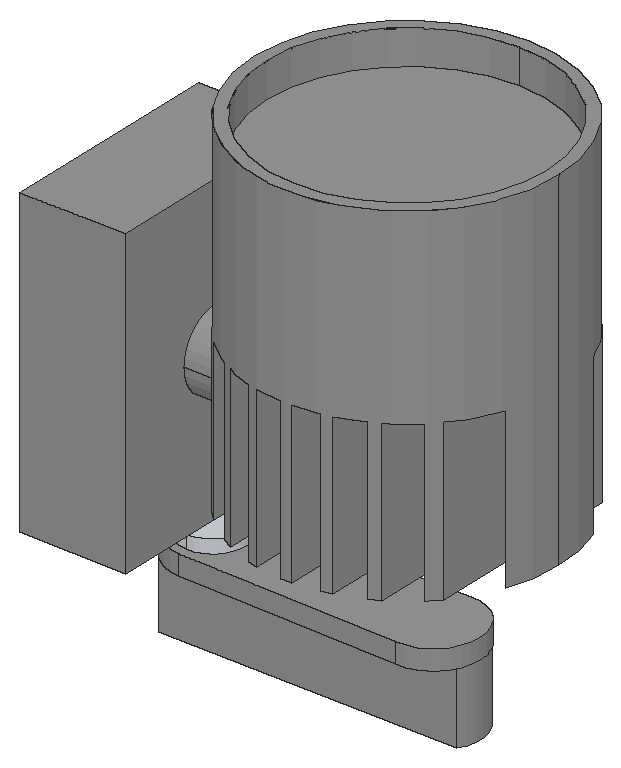
Revit family "2059896 Sylvania Lighting Fixture BEACON XL MUSE Xicato 3K O B DIM LS3 White", category Lighting Fixtures, host Face, Revit 2016
Family settings
  Host = Face
  Part Type = Normal
  Round Connector Dimension = Use Diameter
  OmniClass Number = 23.80.70.00
  OmniClass Title = Lighting
  Cut with Voids When Loaded = No
  Light Source = Yes
  Shared = No
  Room Calculation Point = No
Parameters (values of type "2059896 BEACON XL MUSE XICATO 3K O/B DIM LS3 WHT")
  ceiling drop = 180 mm
  Weight = "n/a"
  Wattage Comments = ""
  Wattage = 0 W
  WarrantyStartDate [instance] = "n/a"
  WarrantyGuarantorParts = ""
  WarrantyDurationUnit = "http://www.sylvania-lighting.com"
  WarrantyDurationParts = "n/a"
  WarrantyDescription = "0.95"
  built-in parameter 1150110 = 1 (stored number, unit not read)
  Voltage = 0 V
  URL = "\\\\svlondc02\\data\\R&D_Fixtures_General\\Dialux Admin\\Michael H\\Bim\\All ranges Feilo\\not Completed\\Beacon Xicato\\Beacon XL Muse Xicato\\2059896.ies"
  TypeName = "BEACON XL MUSE Xicato 3K O/B DIM LS3 White"
  Type Image = <None>
  Type Comments = "n/a"
  built-in parameter 1114217 = 1 (stored number, unit not read)
  Tilt Angle = 90.00°
  built-in parameter 1150109 = 1 (stored number, unit not read)
  built-in parameter 1150134 = 3
  built-in parameter 1150113 = 1 (stored number, unit not read)
  SerialNumber [instance] = "n/a"
  Photometric Web File = "2059896.ies"
  Material_3_FEILO = none
  PowerFactor = 0
  PowerConsumption = "0"
  NominalLength = 0 mm
  NominalHeight = 0 mm
  NominalDepth = 0 mm
  Name = "BEACON XL MUSE Xicato 3K O/B DIM LS3 White"
  ModelReference = Name  # "BEACON XL MUSE Xicato 3K O/B DIM LS3 White"
  ModelNumber = "2059896"
  Model = Name  # "BEACON XL MUSE Xicato 3K O/B DIM LS3 White"
  Material = ""
  ManufacturerName = ""
  Manufacturer = ""
  LuminousEfficacy = "100"
  built-in parameter 1150105 = (empty or 0)
  Lumens = 0 lm
  LuminaireType = "547/1430 lm"
  built-in parameter 1150115 = 1 (stored number, unit not read)
  Lighting Material = none
  LightOutputRatio = "3"
  built-in parameter 1150137 = (empty or 0)
  built-in parameter 1150139 = (empty or 0)
  Light = none
  LampsType = Lamp  # "n/a"
  LampNominalLuminous = "LED"
  LampMacAdamStep = "16500"
  LampColourTemperature = "n/a"
  LampColourRenderingIndex = "n/a"
  built-in parameter 1150112 = 1 (stored number, unit not read)
  built-in parameter 1150114 = 1 (stored number, unit not read)
  Lamp = "n/a"
  Keynote = "0"
  InstallationDate [instance] = "n/a"
  InputVoltage = "IP20"
  InputNominalFrequency = "IK02"
  built-in parameter 1150132 = (empty or 0)
  built-in parameter 1150102 = (empty or 0)
  built-in parameter 1150107 = 3200 (stored number, unit not read)
  built-in parameter 1150138 = (empty or 0)
  IngressProtection = ""
  ImpactProtectionIndex = "Class II"
  built-in parameter 1150106 = (empty or 0)
  IfcExportType = "IfcLightFixtureType"
  IfcExportAs = "41"
  ExpectedLife = 50000
  Emit from Circle Diameter = 609.6 mm
  Emit Shape Visible in Rendering = no
  ElectricShockClassification = ""
  built-in parameter 1150104 = 13.8 (stored number, unit not read)
  DurationUnit = "hours"
  Driver Width = 85 mm
  DocumentationLiterature = "http://www.sylvania-lighting.com/product/en-int/products/2059896"
  DimmingControlOptions = "n/a"
  Material_2_FEILO = none
  Dimming Lamp Color Temperature Shift = <None>
  Diameter = 115 mm
  Description = "Integrated LED spotlight with Xicato Artist LED Module, white RAL 9016, unique soft-touch ring, adjustable beam angle from a 10° spot to a 70° flood, compact and minimalist design, ideal for museum, gallery and high-end retail applications, die-cast aluminium body, passive cooling heatsink, beam angle: 10° spot to 72° flood, optics: aspheric glass lens, colour temperature: 3000K warm white, total system power: 35W, total fixture output: 547/1430lm, luminaire efficacy: 41lm/W, LOR: 100%, super high colour rendering: Ra 97 typical, R9 value at 90, LED Chromacity: 3 step MacAdam ellipse, lifetime: 50,000 hours at 70% of the original output (L70), energy class: A++, A+, A, IR/UV free light source without heat radiation, operating voltage: 220-240V / 50-60Hz, drive current: 1050mA, electronic driver, dimmable via on-board potentiometer, power factor: 0.95, electrical protection: CLASS I, 3-circuit track adaptor, suitable for Concord Lytespan 3 track, ingress protection rating: IP20, suitable for internal use."
  Default Elevation = 115 mm
  CreatedOn = "01/07/2019"
  CreatedBy = "@sylvania-lighting.com"
  Cost = 0
  Color Filter = 16777215
  built-in parameter 1114216 [instance] = (empty or 0)
  ClassificationValue = "EF_70_80"
  ClassificationName = "Uniclass2015"
  Material_1_FEILO = none
  BarCode [instance] = "n/a"
  built-in parameter 1114218 = 1 (stored number, unit not read)
  built-in parameter 1150133 = 10 (stored number, unit not read)
  AssetType = "Fixed"
  AssetIdentifier [instance] = "n/a"
  Assembly Code = "D5020200"
  Apparent Load = 35 VA
  Material_4_FEILO = none
  Adaptor Width = 35 mm
  Adaptor Pivot = 24.952 mm
  Adaptor Inside Width = 16.53 mm
Reference planes
  plane 1 "Center (Front/Back)": y = 0
  plane 2: z = 0
  plane 3 "Center (Left/Right)": x = 0
  plane 4: y = 57.5
  plane 5: y = -57.5
  plane 6: x = -57.5
  plane 7: x = 57.5
  plane 8: z = 180
  plane 9: z = 18
  plane 10: x = -72.5
  plane 11: x = -112.5
  plane 12: z = 133
  plane 13: z = 48
  plane 14: z = 76
  plane 15: y = 42.5
  plane 16: y = -42.5
  plane 17: y = 18.447
  plane 18: y = -16.553
  plane 19: y = 12.476
  plane 20: y = -12.476
  plane 21: y = 8.265
  plane 22: y = -8.265
  plane 23: z = 5.5
Forms (mm)
  Extrusion 1, solid, material "Aluminum", detail levels medium+fine
    sketch origin (0, 0, 0) x (1, 0, 0) y (0, 1, 0)
      loop
        circle (0, 0) r 57.5
    from 48 to 180
  Extrusion 2, solid, material "Aluminum", detail levels medium+fine
    sketch origin (0, 0, 0) x (1, 0, 0) y (0, 1, 0)
      loop
        line (-112.5, 42.5) -> (-112.5, -42.16) -> (-72.5, -42.16) -> (-72.5, 42.5) -> (-112.5, 42.5)
    from 18 to 133
  Extrusion 3, void
    sketch origin (0, 0, 48) x (1, 0, 0) y (0, 1, 0)
      loop
        line (43.7, -85.519) -> (53.7, -85.519) -> (53.7, 68.594) -> (43.7, 68.594) -> (43.7, -85.519)
      loop
        line (39.9, -85.519) -> (39.9, 68.594) -> (29.9, 68.594) -> (29.9, -85.519) -> (39.9, -85.519)
      loop
        line (26.1, -85.519) -> (26.1, 68.594) -> (16.1, 68.594) -> (16.1, -85.519) -> (26.1, -85.519)
      loop
        line (12.3, -85.519) -> (12.3, 68.594) -> (2.3, 68.594) -> (2.3, -85.519) -> (12.3, -85.519)
      loop
        line (-1.5, -85.519) -> (-1.5, 68.594) -> (-11.5, 68.594) -> (-11.5, -85.519) -> (-1.5, -85.519)
      loop
        line (-15.3, -85.519) -> (-15.3, 68.594) -> (-25.3, 68.594) -> (-25.3, -85.519) -> (-15.3, -85.519)
      loop
        line (-29.1, -85.519) -> (-29.1, 68.594) -> (-39.1, 68.594) -> (-39.1, -85.519) -> (-29.1, -85.519)
      loop
        line (-42.9, -85.519) -> (-42.9, 68.594) -> (-52.9, 68.594) -> (-52.9, -85.519) -> (-42.9, -85.519)
    from 0 to 60
  Extrusion 4, solid, material "Aluminum"
    sketch origin (319, 1524, 1219.2) x (0, 1, 0) y (0, 0, 1)
      loop
        circle (-1524, -1143.2) r 15
    from -391.5 to -361.9
  Extrusion 5, solid, detail levels fine
    sketch origin (-0.798, -15.316, 18) x (0, 1, 0) y (1, 0, 0)
      loop
        circle (15.34, -72.5) r 12.5
    from 0 to 5
  Extrusion 6, solid, material "Aluminum", detail levels fine
    sketch origin (-1.795, -27.856, 13) x (-1, 0, 0) y (0, 1, 0)
      loop
        arc (-11.998, 45.379) -> (-29.497, 27.722) -> (-11.683, 10.382) r 17.5
        line (-11.683, 10.382) -> (71.502, 11.879)
        arc (71.502, 11.879) -> (87.502, 27.879) -> (71.502, 43.879) r 16
        line (71.502, 43.879) -> (-11.998, 45.379)
    from 0 to 7.5
  Extrusion 7, void
    sketch origin (0, 0, 180) x (0, 1, 0) y (1, 0, 0)
      loop
        circle (0, 0) r 53
    from 0 to 15
  Extrusion 8, solid, material "Aluminum", detail levels fine
    sketch origin (0, 0, 0) x (1, 0, 0) y (0, 1, 0)
      loop
        arc (-87.012, 8.265) -> (-89.298, 0) -> (-87.012, -8.265) r 16.086
        line (-87.012, -8.265) -> (25.615, -8.265)
        arc (25.615, -8.265) -> (27.702, 0) -> (25.615, 8.265) r 17.405
        line (25.615, 8.265) -> (-87.012, 8.265)
    from -21.5 to 5.5
  Extrusion 9, solid, not visible
    sketch origin (0, 0, 0) x (1, 0, 0) y (0, 1, 0)
      loop
        circle (0, 0) r 57.5
    from 48 to 180
  Extrusion 10, void, not visible
    sketch origin (0, 0, 48) x (1, 0, 0) y (0, 1, 0)
      loop
        line (43.7, -85.519) -> (53.7, -85.519) -> (53.7, 68.594) -> (43.7, 68.594) -> (43.7, -85.519)
      loop
        line (39.9, -85.519) -> (39.9, 68.594) -> (29.9, 68.594) -> (29.9, -85.519) -> (39.9, -85.519)
      loop
        line (26.1, -85.519) -> (26.1, 68.594) -> (16.1, 68.594) -> (16.1, -85.519) -> (26.1, -85.519)
      loop
        line (12.3, -85.519) -> (12.3, 68.594) -> (2.3, 68.594) -> (2.3, -85.519) -> (12.3, -85.519)
      loop
        line (-1.5, -85.519) -> (-1.5, 68.594) -> (-11.5, 68.594) -> (-11.5, -85.519) -> (-1.5, -85.519)
      loop
        line (-15.3, -85.519) -> (-15.3, 68.594) -> (-25.3, 68.594) -> (-25.3, -85.519) -> (-15.3, -85.519)
      loop
        line (-29.1, -85.519) -> (-29.1, 68.594) -> (-39.1, 68.594) -> (-39.1, -85.519) -> (-29.1, -85.519)
      loop
        line (-42.9, -85.519) -> (-42.9, 68.594) -> (-52.9, 68.594) -> (-52.9, -85.519) -> (-42.9, -85.519)
    from 0 to 60
  Extrusion 11, solid, not visible
    sketch origin (319, 1524, 1219.2) x (0, 1, 0) y (0, 0, 1)
      loop
        circle (-1524, -1143.2) r 15
    from -391.5 to -361.9
  Extrusion 12, void, not visible
    sketch origin (0, 0, 180) x (0, 1, 0) y (1, 0, 0)
      loop
        circle (0, 0) r 53
    from 0 to 15
  Extrusion 13, solid, not visible
    sketch origin (0, 0, 0) x (1, 0, 0) y (0, 1, 0)
      loop
        circle (0, 0) r 57.5
    from 48 to 180
  Extrusion 14, solid, not visible
    sketch origin (0, 0, 0) x (1, 0, 0) y (0, 1, 0)
      loop
        line (-112.5, 42.5) -> (-112.5, -42.16) -> (-72.5, -42.16) -> (-72.5, 42.5) -> (-112.5, 42.5)
    from 18 to 133
  Extrusion 15, void, not visible
    sketch origin (0, 0, 48) x (1, 0, 0) y (0, 1, 0)
      loop
        line (43.7, -85.519) -> (53.7, -85.519) -> (53.7, 68.594) -> (43.7, 68.594) -> (43.7, -85.519)
      loop
        line (39.9, -85.519) -> (39.9, 68.594) -> (29.9, 68.594) -> (29.9, -85.519) -> (39.9, -85.519)
      loop
        line (26.1, -85.519) -> (26.1, 68.594) -> (16.1, 68.594) -> (16.1, -85.519) -> (26.1, -85.519)
      loop
        line (12.3, -85.519) -> (12.3, 68.594) -> (2.3, 68.594) -> (2.3, -85.519) -> (12.3, -85.519)
      loop
        line (-1.5, -85.519) -> (-1.5, 68.594) -> (-11.5, 68.594) -> (-11.5, -85.519) -> (-1.5, -85.519)
      loop
        line (-15.3, -85.519) -> (-15.3, 68.594) -> (-25.3, 68.594) -> (-25.3, -85.519) -> (-15.3, -85.519)
      loop
        line (-29.1, -85.519) -> (-29.1, 68.594) -> (-39.1, 68.594) -> (-39.1, -85.519) -> (-29.1, -85.519)
      loop
        line (-42.9, -85.519) -> (-42.9, 68.594) -> (-52.9, 68.594) -> (-52.9, -85.519) -> (-42.9, -85.519)
    from 0 to 60
  Extrusion 16, solid, not visible
    sketch origin (319, 1524, 1219.2) x (0, 1, 0) y (0, 0, 1)
      loop
        circle (-1524, -1143.2) r 15
    from -391.5 to -361.9
  Extrusion 17, void, not visible
    sketch origin (0, 0, 180) x (0, 1, 0) y (1, 0, 0)
      loop
        circle (0, 0) r 53
    from 0 to 15
  Extrusion 18, solid, not visible
    sketch origin (0, 0, 0) x (1, 0, 0) y (0, 1, 0)
      loop
        circle (0, 0) r 57.5
    from 48 to 180
  Extrusion 19, solid, not visible
    sketch origin (0, 0, 0) x (1, 0, 0) y (0, 1, 0)
      loop
        line (-112.5, 42.5) -> (-112.5, -42.16) -> (-72.5, -42.16) -> (-72.5, 42.5) -> (-112.5, 42.5)
    from 18 to 133
  Extrusion 20, void, not visible
    sketch origin (0, 0, 48) x (1, 0, 0) y (0, 1, 0)
      loop
        line (43.7, -85.519) -> (53.7, -85.519) -> (53.7, 68.594) -> (43.7, 68.594) -> (43.7, -85.519)
      loop
        line (39.9, -85.519) -> (39.9, 68.594) -> (29.9, 68.594) -> (29.9, -85.519) -> (39.9, -85.519)
      loop
        line (26.1, -85.519) -> (26.1, 68.594) -> (16.1, 68.594) -> (16.1, -85.519) -> (26.1, -85.519)
      loop
        line (12.3, -85.519) -> (12.3, 68.594) -> (2.3, 68.594) -> (2.3, -85.519) -> (12.3, -85.519)
      loop
        line (-1.5, -85.519) -> (-1.5, 68.594) -> (-11.5, 68.594) -> (-11.5, -85.519) -> (-1.5, -85.519)
      loop
        line (-15.3, -85.519) -> (-15.3, 68.594) -> (-25.3, 68.594) -> (-25.3, -85.519) -> (-15.3, -85.519)
      loop
        line (-29.1, -85.519) -> (-29.1, 68.594) -> (-39.1, 68.594) -> (-39.1, -85.519) -> (-29.1, -85.519)
      loop
        line (-42.9, -85.519) -> (-42.9, 68.594) -> (-52.9, 68.594) -> (-52.9, -85.519) -> (-42.9, -85.519)
    from 0 to 60
  Extrusion 21, solid, not visible
    sketch origin (319, 1524, 1219.2) x (0, 1, 0) y (0, 0, 1)
      loop
        circle (-1524, -1143.2) r 15
    from -391.5 to -361.9
  Extrusion 22, solid, not visible
    sketch origin (-0.798, -15.316, 18) x (0, 1, 0) y (1, 0, 0)
      loop
        circle (15.34, -72.5) r 12.5
    from 0 to 5
  Extrusion 23, solid, not visible
    sketch origin (-1.795, -27.856, 13) x (-1, 0, 0) y (0, 1, 0)
      loop
        arc (-11.998, 45.379) -> (-29.497, 27.722) -> (-11.683, 10.382) r 17.5
        line (-11.683, 10.382) -> (71.502, 11.879)
        arc (71.502, 11.879) -> (87.502, 27.879) -> (71.502, 43.879) r 16
        line (71.502, 43.879) -> (-11.998, 45.379)
    from 0 to 7.5
  Extrusion 24, void, not visible
    sketch origin (0, 0, 180) x (0, 1, 0) y (1, 0, 0)
      loop
        circle (0, 0) r 53
    from 0 to 15
  Extrusion 25, solid, not visible
    sketch origin (0, 0, 0) x (1, 0, 0) y (0, 1, 0)
      loop
        circle (0, 0) r 57.5
    from 48 to 180
  Extrusion 26, solid, not visible
    sketch origin (0, 0, 0) x (1, 0, 0) y (0, 1, 0)
      loop
        line (-112.5, 42.5) -> (-112.5, -42.16) -> (-72.5, -42.16) -> (-72.5, 42.5) -> (-112.5, 42.5)
    from 18 to 133
  Extrusion 27, void, not visible
    sketch origin (0, 0, 48) x (1, 0, 0) y (0, 1, 0)
      loop
        line (43.7, -85.519) -> (53.7, -85.519) -> (53.7, 68.594) -> (43.7, 68.594) -> (43.7, -85.519)
      loop
        line (39.9, -85.519) -> (39.9, 68.594) -> (29.9, 68.594) -> (29.9, -85.519) -> (39.9, -85.519)
      loop
        line (26.1, -85.519) -> (26.1, 68.594) -> (16.1, 68.594) -> (16.1, -85.519) -> (26.1, -85.519)
      loop
        line (12.3, -85.519) -> (12.3, 68.594) -> (2.3, 68.594) -> (2.3, -85.519) -> (12.3, -85.519)
      loop
        line (-1.5, -85.519) -> (-1.5, 68.594) -> (-11.5, 68.594) -> (-11.5, -85.519) -> (-1.5, -85.519)
      loop
        line (-15.3, -85.519) -> (-15.3, 68.594) -> (-25.3, 68.594) -> (-25.3, -85.519) -> (-15.3, -85.519)
      loop
        line (-29.1, -85.519) -> (-29.1, 68.594) -> (-39.1, 68.594) -> (-39.1, -85.519) -> (-29.1, -85.519)
      loop
        line (-42.9, -85.519) -> (-42.9, 68.594) -> (-52.9, 68.594) -> (-52.9, -85.519) -> (-42.9, -85.519)
    from 0 to 60
  Extrusion 28, solid, not visible
    sketch origin (319, 1524, 1219.2) x (0, 1, 0) y (0, 0, 1)
      loop
        circle (-1524, -1143.2) r 15
    from -391.5 to -361.9
  Extrusion 29, solid, not visible
    sketch origin (-0.798, -15.316, 18) x (0, 1, 0) y (1, 0, 0)
      loop
        circle (15.34, -72.5) r 12.5
    from 0 to 5
  Extrusion 30, solid, not visible
    sketch origin (-1.795, -27.856, 13) x (-1, 0, 0) y (0, 1, 0)
      loop
        arc (-11.998, 45.379) -> (-29.497, 27.722) -> (-11.683, 10.382) r 17.5
        line (-11.683, 10.382) -> (71.502, 11.879)
        arc (71.502, 11.879) -> (87.502, 27.879) -> (71.502, 43.879) r 16
        line (71.502, 43.879) -> (-11.998, 45.379)
    from 0 to 7.5
  Extrusion 31, void, not visible
    sketch origin (0, 0, 180) x (0, 1, 0) y (1, 0, 0)
      loop
        circle (0, 0) r 53
    from 0 to 15
  Extrusion 32, solid, not visible
    sketch origin (0, 0, 0) x (1, 0, 0) y (0, 1, 0)
      loop
        arc (-87.012, 8.265) -> (-89.298, 0) -> (-87.012, -8.265) r 16.086
        line (-87.012, -8.265) -> (25.615, -8.265)
        arc (25.615, -8.265) -> (27.702, 0) -> (25.615, 8.265) r 17.405
        line (25.615, 8.265) -> (-87.012, 8.265)
    from -21.5 to 5.5
  Extrusion 33, solid, material "Glass, White, High Luminance", detail levels medium+fine
    sketch origin (0, 0, 165) x (0, 1, 0) y (-1, 0, 0)
      loop
        circle (0, 0) r 53
    from 0 to 2
  Extrusion 34, solid, detail levels coarse
    sketch origin (0, 0, 180) x (1, 0, 0) y (0, 1, 0)
      loop
        line (57.5, 57.5) -> (-112.5, 57.5) -> (-112.5, -57.5) -> (57.5, -57.5) -> (57.5, 57.5)
    from -201.5 to 0
Cuts and joins
  Extrusion 3, Extrusion 7 cuts Extrusion 1
Lines and regions (mm)
  reference lines
    curve 1: line (-73.298, 12.524, 13) -> (-73.298, -12.476, 13)
    curve 2: line (-60.798, -15.316, 13) -> (-85.798, -15.316, 13)
    curve 7: line (0, 53, 165) -> (0, -83.894, 165)
    curve 8: line (-53, 0, 165) -> (73.513, 0, 165)
  reference lines, not visible
    curve 3: line (-73.298, 12.524, 13) -> (-73.298, -12.476, 13)
    curve 4: line (-60.798, -15.316, 13) -> (-85.798, -15.316, 13)
    curve 5: line (-73.298, 12.524, 13) -> (-73.298, -12.476, 13)
    curve 6: line (-60.798, -15.316, 13) -> (-85.798, -15.316, 13)
Dimensions and locks
  "Diameter": plane 6 to plane 7
  equal spacing: plane 6, plane 3 "Center (Left/Right)", plane 7, locked at 57.5 each
  "Diameter": plane 4 to plane 5
  equal spacing: plane 4, plane 1 "Center (Front/Back)", plane 5, locked at 57.5 each
  "ceiling drop": plane 8 to level
  locked: plane 8 to plane 9 at 162
  locked: plane 12 to plane 9 at 115
  "Driver Width": plane 15 to plane 16
  equal spacing: plane 15, plane 1 "Center (Front/Back)", plane 16
  "Adaptor Width": plane 17 to plane 18
  "Adaptor Pivot": plane 19 to plane 20
  equal spacing: plane 19, plane 1 "Center (Front/Back)", plane 20
  "Adaptor Inside Width": plane 21 to plane 22
  equal spacing: plane 21, plane 1 "Center (Front/Back)", plane 22
  aligned and locked: plane 2 to host face
  aligned and locked: level to host face
  aligned and locked: plane 8 to Extrusion 1
Automatic sketch dimensions
  host sketch curve to host sketch curve = 2438.4 mm  (x2)
  Extrusion 3 sketch curve to Extrusion 3 sketch curve = 10 mm  (x8)
  Extrusion 3 sketch curve to Extrusion 3 sketch curve = 3.8 mm  (x7)
  Extrusion 3 sketch curve to Extrusion 3 sketch curve = 0 mm  (x14)
  Extrusion 3 sketch curve to Extrusion 3 sketch curve = 154.113 mm
  Extrusion 6 sketch curve to Extrusion 6 sketch curve = 83.185 mm
  Extrusion 6 sketch curve to Extrusion 6 sketch curve = 0.315 mm
  Extrusion 6 sketch curve to Extrusion 6 sketch curve = 1.5 mm
  Extrusion 6 sketch curve to Extrusion 6 sketch curve = 17.5 mm
  Extrusion 8 sketch curve to Extrusion 8 sketch curve = 15.318 mm
  Extrusion 10 sketch curve to Extrusion 10 sketch curve = 10 mm  (x8)
  Extrusion 10 sketch curve to Extrusion 10 sketch curve = 3.8 mm  (x7)
  Extrusion 10 sketch curve to Extrusion 10 sketch curve = 0 mm  (x14)
  Extrusion 10 sketch curve to Extrusion 10 sketch curve = 154.113 mm
  Extrusion 2 sketch curve to Extrusion 2 sketch curve = 40 mm
  Extrusion 2 sketch curve to Extrusion 2 sketch curve = 84.66 mm
  Extrusion 15 sketch curve to Extrusion 15 sketch curve = 10 mm  (x8)
  Extrusion 15 sketch curve to Extrusion 15 sketch curve = 3.8 mm  (x7)
  Extrusion 15 sketch curve to Extrusion 15 sketch curve = 0 mm  (x14)
  Extrusion 15 sketch curve to Extrusion 15 sketch curve = 154.113 mm
  Extrusion 14 sketch curve to Extrusion 14 sketch curve = 40 mm
  Extrusion 14 sketch curve to Extrusion 14 sketch curve = 84.66 mm
  Extrusion 20 sketch curve to Extrusion 20 sketch curve = 10 mm  (x8)
  Extrusion 20 sketch curve to Extrusion 20 sketch curve = 3.8 mm  (x7)
  Extrusion 20 sketch curve to Extrusion 20 sketch curve = 0 mm  (x14)
  Extrusion 20 sketch curve to Extrusion 20 sketch curve = 154.113 mm
  Extrusion 23 sketch curve to Extrusion 23 sketch curve = 83.185 mm
  Extrusion 23 sketch curve to Extrusion 23 sketch curve = 0.315 mm
  Extrusion 23 sketch curve to Extrusion 23 sketch curve = 1.5 mm
  Extrusion 23 sketch curve to Extrusion 23 sketch curve = 17.5 mm
  Extrusion 19 sketch curve to Extrusion 19 sketch curve = 40 mm
  Extrusion 19 sketch curve to Extrusion 19 sketch curve = 84.66 mm
  Extrusion 8 sketch curve to Extrusion 8 sketch curve = 0 mm  (x2)
  Extrusion 8 sketch curve to Extrusion 8 sketch curve = 13.8 mm
  Extrusion 8 sketch curve to Extrusion 8 sketch curve = 83.509 mm
  Extrusion 8 sketch curve to Extrusion 8 sketch curve = 8.265 mm
  Extrusion 27 sketch curve to Extrusion 27 sketch curve = 10 mm  (x8)
  Extrusion 27 sketch curve to Extrusion 27 sketch curve = 3.8 mm  (x7)
  Extrusion 27 sketch curve to Extrusion 27 sketch curve = 0 mm  (x14)
  Extrusion 27 sketch curve to Extrusion 27 sketch curve = 154.113 mm
  Extrusion 30 sketch curve to Extrusion 30 sketch curve = 83.185 mm
  Extrusion 30 sketch curve to Extrusion 30 sketch curve = 0.315 mm
  Extrusion 30 sketch curve to Extrusion 30 sketch curve = 1.5 mm
  Extrusion 30 sketch curve to Extrusion 30 sketch curve = 17.5 mm
  Extrusion 32 sketch curve to Extrusion 32 sketch curve = 15.318 mm
  Extrusion 26 sketch curve to Extrusion 26 sketch curve = 40 mm
  Extrusion 26 sketch curve to Extrusion 26 sketch curve = 84.66 mm
  Extrusion 32 sketch curve to Extrusion 32 sketch curve = 0 mm  (x2)
  Extrusion 32 sketch curve to Extrusion 32 sketch curve = 13.8 mm
  Extrusion 32 sketch curve to Extrusion 32 sketch curve = 83.509 mm
  Extrusion 32 sketch curve to Extrusion 32 sketch curve = 8.265 mm
  Extrusion 8 sketch curve to plane 21 = 0 mm
  Extrusion 8 sketch curve to plane 10 = 14.512 mm
  Extrusion 2 to Extrusion 5 sketch curve = 0.798 mm
  Extrusion 2 to Extrusion 5 sketch curve = 42.184 mm
  curve 2 to curve 1 = 2.84 mm
  curve 1 to curve 1 = 25 mm
  curve 2 to curve 1 = 12.5 mm
  curve 1 to curve 2 = 12.5 mm
  Extrusion 2 sketch curve to plane 11 = 0 mm
  plane 15 to Extrusion 2 sketch curve = 0 mm
  plane 1 "Center (Front/Back)" to Extrusion 1 sketch curve = 0 mm
  Extrusion 1 sketch curve to plane 3 "Center (Left/Right)" = 0 mm
  Extrusion 4 sketch curve to plane 1 "Center (Front/Back)" = 0 mm
  plane 14 to Extrusion 4 sketch curve = 0 mm
  curve 7 to curve 8 = 83.894 mm
  curve 8 to curve 7 = 53 mm
  curve 8 to curve 7 = 73.513 mm
  curve 7 to curve 8 = 53 mm
  Extrusion 34 sketch curve to Extrusion 34 sketch curve = 170 mm
  Extrusion 34 sketch curve to Extrusion 34 sketch curve = 115 mm
  radius of Extrusion 1 sketch curve = 57.5 mm
  radius of Extrusion 4 sketch curve = 15 mm
  radius of Extrusion 5 sketch curve = 12.5 mm
  radius of Extrusion 5 to Extrusion 6 sketch curve = 3.5 mm
  radius of Extrusion 7 sketch curve = 53 mm
  radius of Extrusion 9 sketch curve = 57.5 mm
  radius of Extrusion 11 sketch curve = 15 mm
  radius of Extrusion 12 sketch curve = 53 mm
  radius of Extrusion 13 sketch curve = 57.5 mm
  radius of Extrusion 16 sketch curve = 15 mm
  radius of Extrusion 17 sketch curve = 53 mm
  radius of Extrusion 18 sketch curve = 57.5 mm
  radius of Extrusion 21 sketch curve = 15 mm
  radius of Extrusion 22 sketch curve = 12.5 mm
  radius of Extrusion 22 to Extrusion 23 sketch curve = 3.5 mm
  radius of Extrusion 24 sketch curve = 53 mm
  radius of Extrusion 25 sketch curve = 57.5 mm
  radius of Extrusion 28 sketch curve = 15 mm
  radius of Extrusion 29 sketch curve = 12.5 mm
  radius of Extrusion 29 to Extrusion 30 sketch curve = 3.5 mm
  radius of Extrusion 31 sketch curve = 53 mm
  radius of Extrusion 33 sketch curve to Extrusion 7 = 0 mm
Connectors
  electrical at (-30.699, 0, -21.5)
    settings: on Extrusion 8, index 1, voltage 0 V, apparent load 0 VA, apparent load phase1 0 VA, apparent load phase2 0 VA, apparent load phase3 0 VA, power factor 1, load classification "Other", number of poles 1, system type 31, power factor state 1, is connector primary yes, connector utility no, sub classification motor no, connector description ""
